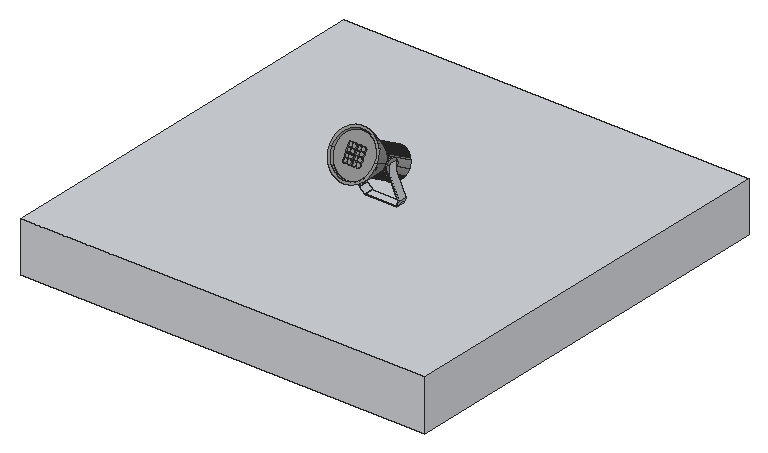
Revit family "LAMP_SHOT 290 G2", category Modelos genéricos, Revit 2018 (continued)
Definition of nested family "Cabeza Shot"
  Automatic sketch dimensions
    Extrusion 4 sketch curve to plane 3 "Eje de origen de luz (I/D)" = 1.829 mm
    Extrusion 4 sketch curve to Extrusion 4 sketch curve = 1.057 mm
    Extrusion 4 sketch curve to Extrusion 4 sketch curve = 0.508 mm
    Extrusion 4 sketch curve to Extrusion 4 sketch curve = 0.883 mm  (x2)
    Extrusion 4 sketch curve to Extrusion 4 sketch curve = 0.236 mm
    Extrusion 4 sketch curve to Extrusion 4 sketch curve = 0.276 mm
    Extrusion 4 sketch curve to Extrusion 4 sketch curve = 0.387 mm
    Extrusion 4 sketch curve to Extrusion 4 sketch curve = 0.74 mm
    Extrusion 4 sketch curve to Extrusion 4 sketch curve = 0.762 mm  (x2)
    Extrusion 4 sketch curve to Extrusion 4 sketch curve = 2.631 mm  (x2)
    Extrusion 4 sketch curve to plane 1 "Eje de origen de luz (F/P)" = 2.345 mm
    Extrusion 4 sketch curve to plane 1 "Eje de origen de luz (F/P)" = 1.588 mm
    Extrusion 4 sketch curve to plane 1 "Eje de origen de luz (F/P)" = 1.499 mm
    Extrusion 4 sketch curve to plane 1 "Eje de origen de luz (F/P)" = 0.763 mm
    Extrusion 4 sketch curve to plane 1 "Eje de origen de luz (F/P)" = 0.678 mm
    Extrusion 4 sketch curve to plane 3 "Eje de origen de luz (I/D)" = 2.775 mm
    plane 1 "Eje de origen de luz (F/P)" to Extrusion 4 sketch curve = 5.62 mm
    plane 1 "Eje de origen de luz (F/P)" to Extrusion 4 sketch curve = 5.8 mm
    plane 1 "Eje de origen de luz (F/P)" to Extrusion 4 sketch curve = 5.802 mm
    Extrusion 4 sketch curve to Extrusion 4 sketch curve = 0.004 mm
    Extrusion 4 sketch curve to Extrusion 4 sketch curve = 0.036 mm
    Extrusion 4 sketch curve to plane 3 "Eje de origen de luz (I/D)" = 3.669 mm
    Extrusion 4 sketch curve to Extrusion 4 sketch curve = 0.25 mm
    Extrusion 4 sketch curve to Extrusion 4 sketch curve = 0.733 mm
    Extrusion 4 sketch curve to plane 3 "Eje de origen de luz (I/D)" = 0.729 mm
    Extrusion 4 sketch curve to Extrusion 4 sketch curve = 1.743 mm
    Extrusion 4 sketch curve to Extrusion 4 sketch curve = 0.727 mm
    Extrusion 4 sketch curve to Extrusion 4 sketch curve = 1.371 mm
    Extrusion 4 sketch curve to Extrusion 4 sketch curve = 1.628 mm
    Extrusion 4 sketch curve to Extrusion 4 sketch curve = 1.615 mm
    Extrusion 4 sketch curve to Extrusion 4 sketch curve = 1.682 mm
    Extrusion 4 sketch curve to Extrusion 4 sketch curve = 0.237 mm
    Extrusion 4 sketch curve to Extrusion 4 sketch curve = 0.252 mm
    Extrusion 4 sketch curve to Extrusion 4 sketch curve = 0.775 mm
    Extrusion 4 sketch curve to Extrusion 4 sketch curve = 0.48 mm
    Extrusion 4 sketch curve to Extrusion 4 sketch curve = 6.048 mm
    Extrusion 4 sketch curve to Extrusion 4 sketch curve = 1.476 mm
    Extrusion 4 sketch curve to Extrusion 4 sketch curve = 9.055 mm
    Extrusion 4 sketch curve to Extrusion 4 sketch curve = 0.453 mm
    Extrusion 4 sketch curve to Extrusion 4 sketch curve = 1.725 mm
    Extrusion 4 sketch curve to Extrusion 4 sketch curve = 0.824 mm
    Extrusion 4 sketch curve to Extrusion 4 sketch curve = 0.076 mm
    Extrusion 4 sketch curve to Extrusion 4 sketch curve = 1.696 mm
    Extrusion 4 sketch curve to Extrusion 4 sketch curve = 0.277 mm
    Extrusion 4 sketch curve to Extrusion 4 sketch curve = 3.444 mm
    Extrusion 4 sketch curve to Extrusion 4 sketch curve = 1.635 mm
    radius of Extrusion 2 sketch curve = 128.984 mm
    radius of Extrusion 3 sketch curve = 12.5 mm  (x16)
Types (6, lengths in mm): name | Product datasheet | Product code | Photometric web file | Modelo | Initial intensity | Initial color | Efficacy | Descripción
  4011LM 3000 SPOT | "http://www.lamp.es/product-files/TECH/SH22965SP830NG-EN.pdf" | "SH22965SP830NG" | Cabeza Shot : 4011LM 3000 SPOT | "SH22965SP830NG" | 4011 lm | 3000 K | 83.6 lm/W | "SHOT 290 G2 6500 8WW SP GR."
  4068LM 3000 MEDIUM FLOOD | "http://www.lamp.es/product-files/TECH/SH22965MF830NG-EN.pdf" | "SH22965MF830NG" | Cabeza Shot : 4068LM 3000 MEDIUM FLOOD | "SH22965MF830NG" | 4068 lm | 3000 K | 84.8 lm/W | "SHOT 290 G2 6500 8WW MFL GR."
  4179LM 3000 STREET | "http://www.lamp.es/product-files/TECH/SH22965ST830NG-EN.pdf" | "SH22965ST830NG" | Cabeza Shot : 4179LM 3000 STREET | "SH22965ST830NG" | 4179 lm | 3000 K | 87.1 lm/W | "SHOT 290 G2 6500 8WW STREET GR."
  4223LM 4000 SPOT | "http://www.lamp.es/product-files/TECH/SH22965SP840NG-EN.pdf" | "SH22965SP840NG" | Cabeza Shot : 4223LM 4000 SPOT | "SH22965SP840NG" | 4223 lm | 4000 K | 88 lm/W | "SHOT 290 G2 6500 8NW SP GR."
  4282LM 4000 MEDIUM FLOOD | "http://www.lamp.es/product-files/TECH/SH22965MF840NG-EN.pdf" | "SH22965MF840NG" | Cabeza Shot : 4282LM 4000 MEDIUM FLOOD | "SH22965MF840NG" | 4282 lm | 4000 K | 89.2 lm/W | "SHOT 290 G2 6500 8NW MFL GR."
  4400LM 4000 STREET | "http://www.lamp.es/product-files/TECH/SH22965ST840NG-EN.pdf" | "SH22965ST840NG" | Cabeza Shot : 4400LM 4000 STREET | "SH22965ST840NG" | 4400 lm | 4000 K | 91.7 lm/W | "SHOT 290 G2 6500 8NW STREET GR."
